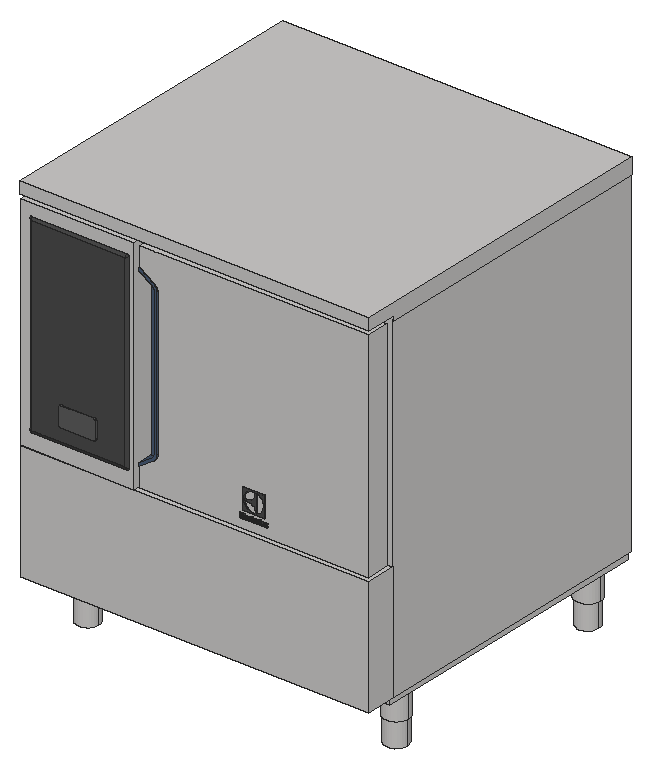
Revit family "QF_ELECTROLUXPROFESSIONAL_727728_EBFA61TA", category Specialty Equipment, Revit 2018 (continued)
Automatic sketch dimensions
  Split face 46 sketch curve to Split face 46 sketch curve = 5.027 mm
  Split face 47 sketch curve to Extrusion 9 = 81.175 mm
  Split face 47 sketch curve to Extrusion 9 = 377.596 mm
  Split face 47 sketch curve to Split face 47 sketch curve = 110.015 mm
  Split face 47 sketch curve to Split face 47 sketch curve = 5.027 mm
  Split face 48 sketch curve to Extrusion 9 = 71.703 mm
  Split face 48 sketch curve to Extrusion 9 = 377.596 mm
  Split face 48 sketch curve to Split face 48 sketch curve = 110.015 mm
  Split face 48 sketch curve to Split face 48 sketch curve = 5.027 mm
  Split face 49 sketch curve to Extrusion 9 = 62.231 mm
  Split face 49 sketch curve to Extrusion 9 = 377.596 mm
  Split face 49 sketch curve to Split face 49 sketch curve = 110.015 mm
  Split face 49 sketch curve to Split face 49 sketch curve = 5.027 mm
  Split face 50 sketch curve to Extrusion 9 = 52.758 mm
  Split face 50 sketch curve to Extrusion 9 = 377.596 mm
  Split face 50 sketch curve to Extrusion 9 = 47.731 mm
  Split face 50 sketch curve to Split face 50 sketch curve = 110.015 mm
  Split face 51 sketch curve to Extrusion 9 = 43.286 mm
  Split face 51 sketch curve to Extrusion 9 = 377.596 mm
  Split face 51 sketch curve to Extrusion 9 = 38.259 mm
  Split face 51 sketch curve to Split face 51 sketch curve = 110.015 mm
  Split face 52 sketch curve to Extrusion 9 = 33.814 mm
  Split face 52 sketch curve to Extrusion 9 = 377.596 mm
  Split face 52 sketch curve to Extrusion 9 = 28.787 mm
  Split face 52 sketch curve to Split face 52 sketch curve = 110.015 mm
  Split face 53 sketch curve to Extrusion 9 = 31.361 mm
  Split face 53 sketch curve to Extrusion 9 = 262.581 mm
  Split face 53 sketch curve to Extrusion 9 = 36.388 mm
  Split face 53 sketch curve to Split face 53 sketch curve = 110.015 mm
  Split face 54 sketch curve to Extrusion 9 = 40.833 mm
  Split face 54 sketch curve to Extrusion 9 = 262.581 mm
  Split face 54 sketch curve to Extrusion 9 = 45.86 mm
  Split face 54 sketch curve to Split face 54 sketch curve = 110.015 mm
  Split face 55 sketch curve to Extrusion 9 = 50.305 mm
  Split face 55 sketch curve to Extrusion 9 = 262.581 mm
  Split face 55 sketch curve to Split face 55 sketch curve = 110.015 mm
  Split face 55 sketch curve to Split face 55 sketch curve = 5.027 mm
  Split face 56 sketch curve to Extrusion 9 = 59.777 mm
  Split face 56 sketch curve to Extrusion 9 = 262.581 mm
  Split face 56 sketch curve to Split face 56 sketch curve = 110.015 mm
  Split face 56 sketch curve to Split face 56 sketch curve = 5.027 mm
  Split face 57 sketch curve to Extrusion 9 = 69.25 mm
  Split face 57 sketch curve to Extrusion 9 = 262.581 mm
  Split face 57 sketch curve to Split face 57 sketch curve = 110.015 mm
  Split face 57 sketch curve to Split face 57 sketch curve = 5.027 mm
  Split face 58 sketch curve to Extrusion 9 = 78.722 mm
  Split face 58 sketch curve to Extrusion 9 = 262.581 mm
  Split face 58 sketch curve to Split face 58 sketch curve = 110.015 mm
  Split face 58 sketch curve to Split face 58 sketch curve = 5.027 mm
  Split face 59 sketch curve to Extrusion 9 = 88.194 mm
  Split face 59 sketch curve to Extrusion 9 = 262.581 mm
  Split face 59 sketch curve to Split face 59 sketch curve = 110.015 mm
  Split face 59 sketch curve to Split face 59 sketch curve = 5.027 mm
  Split face 60 sketch curve to Extrusion 9 = 97.666 mm
  Split face 60 sketch curve to Extrusion 9 = 262.581 mm
  Split face 60 sketch curve to Split face 60 sketch curve = 110.015 mm
  Split face 60 sketch curve to Split face 60 sketch curve = 5.027 mm
  Split face 61 sketch curve to Extrusion 9 = 107.138 mm
  Split face 61 sketch curve to Extrusion 9 = 262.581 mm
  Split face 61 sketch curve to Split face 61 sketch curve = 110.015 mm
  Split face 61 sketch curve to Split face 61 sketch curve = 5.027 mm
  Split face 62 sketch curve to Extrusion 9 = 116.611 mm
  Split face 62 sketch curve to Extrusion 9 = 262.581 mm
  Split face 62 sketch curve to Split face 62 sketch curve = 110.015 mm
  Split face 62 sketch curve to Split face 62 sketch curve = 5.027 mm
  Split face 63 sketch curve to Extrusion 9 = 126.083 mm
  Split face 63 sketch curve to Extrusion 9 = 262.581 mm
  Split face 63 sketch curve to Split face 63 sketch curve = 110.015 mm
  Split face 63 sketch curve to Split face 63 sketch curve = 5.027 mm
  Split face 64 sketch curve to Extrusion 9 = 262.581 mm
  Split face 64 sketch curve to Split face 64 sketch curve = 110.015 mm
  Split face 64 sketch curve to Extrusion 9 = 135.555 mm
  Split face 64 sketch curve to Split face 64 sketch curve = 5.027 mm
  Split face 65 sketch curve to Extrusion 9 = 262.581 mm
  Split face 65 sketch curve to Split face 65 sketch curve = 110.015 mm
  Split face 65 sketch curve to Extrusion 9 = 145.027 mm
  Split face 65 sketch curve to Split face 65 sketch curve = 5.027 mm
  Split face 66 sketch curve to Extrusion 9 = 262.581 mm
  Split face 66 sketch curve to Split face 66 sketch curve = 110.015 mm
  Split face 66 sketch curve to Extrusion 9 = 147.48 mm
  Split face 66 sketch curve to Split face 66 sketch curve = 5.027 mm
  Split face 67 sketch curve to Extrusion 9 = 262.581 mm
  Split face 67 sketch curve to Split face 67 sketch curve = 110.015 mm
  Split face 67 sketch curve to Extrusion 9 = 138.008 mm
  Split face 67 sketch curve to Split face 67 sketch curve = 5.027 mm
  Split face 68 sketch curve to Extrusion 9 = 128.536 mm
  Split face 68 sketch curve to Extrusion 9 = 262.581 mm
  Split face 68 sketch curve to Split face 68 sketch curve = 110.015 mm
  Split face 68 sketch curve to Split face 68 sketch curve = 5.027 mm
  Split face 69 sketch curve to Extrusion 9 = 119.064 mm
  Split face 69 sketch curve to Extrusion 9 = 262.581 mm
  Split face 69 sketch curve to Split face 69 sketch curve = 110.015 mm
  Split face 69 sketch curve to Split face 69 sketch curve = 5.027 mm
  Split face 70 sketch curve to Extrusion 9 = 109.592 mm
  Split face 70 sketch curve to Extrusion 9 = 262.581 mm
  Split face 70 sketch curve to Split face 70 sketch curve = 110.015 mm
  Split face 70 sketch curve to Split face 70 sketch curve = 5.027 mm
  Split face 71 sketch curve to Extrusion 9 = 100.119 mm
  Split face 71 sketch curve to Extrusion 9 = 262.581 mm
  Split face 71 sketch curve to Split face 71 sketch curve = 110.015 mm
  Split face 71 sketch curve to Split face 71 sketch curve = 5.027 mm
  Split face 72 sketch curve to Extrusion 9 = 90.647 mm
  Split face 72 sketch curve to Extrusion 9 = 262.581 mm
  Split face 72 sketch curve to Split face 72 sketch curve = 110.015 mm
  Split face 72 sketch curve to Split face 72 sketch curve = 5.027 mm
  Split face 73 sketch curve to Extrusion 9 = 81.175 mm
  Split face 73 sketch curve to Extrusion 9 = 262.581 mm
  Split face 73 sketch curve to Split face 73 sketch curve = 110.015 mm
  Split face 73 sketch curve to Split face 73 sketch curve = 5.027 mm
  Split face 74 sketch curve to Extrusion 9 = 71.703 mm
  Split face 74 sketch curve to Extrusion 9 = 262.581 mm
  Split face 74 sketch curve to Split face 74 sketch curve = 110.015 mm
  Split face 74 sketch curve to Split face 74 sketch curve = 5.027 mm
  Split face 75 sketch curve to Extrusion 9 = 62.231 mm
  Split face 75 sketch curve to Extrusion 9 = 262.581 mm
  Split face 75 sketch curve to Split face 75 sketch curve = 110.015 mm
  Split face 75 sketch curve to Split face 75 sketch curve = 5.027 mm
  Split face 76 sketch curve to Extrusion 9 = 52.758 mm
  Split face 76 sketch curve to Extrusion 9 = 262.581 mm
  Split face 76 sketch curve to Extrusion 9 = 47.731 mm
  Split face 76 sketch curve to Split face 76 sketch curve = 110.015 mm
  Split face 77 sketch curve to Extrusion 9 = 43.286 mm
  Split face 77 sketch curve to Extrusion 9 = 262.581 mm
  Split face 77 sketch curve to Extrusion 9 = 38.259 mm
  Split face 77 sketch curve to Split face 77 sketch curve = 110.015 mm
  Split face 78 sketch curve to Extrusion 9 = 33.814 mm
  Split face 78 sketch curve to Extrusion 9 = 262.581 mm
  Split face 78 sketch curve to Extrusion 9 = 28.787 mm
  Split face 78 sketch curve to Split face 78 sketch curve = 110.015 mm
  Split face 79 sketch curve to Extrusion 9 = 31.361 mm
  Split face 79 sketch curve to Extrusion 9 = 147.565 mm
  Split face 79 sketch curve to Extrusion 9 = 36.388 mm
  Split face 79 sketch curve to Split face 79 sketch curve = 110.015 mm
  Split face 80 sketch curve to Extrusion 9 = 40.833 mm
  Split face 80 sketch curve to Extrusion 9 = 147.565 mm
  Split face 80 sketch curve to Extrusion 9 = 45.86 mm
  Split face 80 sketch curve to Split face 80 sketch curve = 110.015 mm
  Split face 81 sketch curve to Extrusion 9 = 50.305 mm
  Split face 81 sketch curve to Extrusion 9 = 147.565 mm
  Split face 81 sketch curve to Split face 81 sketch curve = 110.015 mm
  Split face 81 sketch curve to Split face 81 sketch curve = 5.027 mm
  Split face 82 sketch curve to Extrusion 9 = 59.777 mm
  Split face 82 sketch curve to Extrusion 9 = 147.565 mm
  Split face 82 sketch curve to Split face 82 sketch curve = 110.015 mm
  Split face 82 sketch curve to Split face 82 sketch curve = 5.027 mm
  Split face 83 sketch curve to Extrusion 9 = 69.25 mm
  Split face 83 sketch curve to Extrusion 9 = 147.565 mm
  Split face 83 sketch curve to Split face 83 sketch curve = 110.015 mm
  Split face 83 sketch curve to Split face 83 sketch curve = 5.027 mm
  Split face 84 sketch curve to Extrusion 9 = 147.565 mm
  Split face 84 sketch curve to Split face 84 sketch curve = 110.015 mm
  Split face 84 sketch curve to Extrusion 9 = 78.722 mm
  Split face 84 sketch curve to Split face 84 sketch curve = 5.027 mm
  Split face 85 sketch curve to Extrusion 9 = 147.565 mm
  Split face 85 sketch curve to Split face 85 sketch curve = 110.015 mm
  Split face 85 sketch curve to Extrusion 9 = 88.194 mm
  Split face 85 sketch curve to Split face 85 sketch curve = 5.027 mm
  Split face 86 sketch curve to Extrusion 9 = 147.565 mm
  Split face 86 sketch curve to Split face 86 sketch curve = 110.015 mm
  Split face 86 sketch curve to Extrusion 9 = 97.666 mm
  Split face 86 sketch curve to Split face 86 sketch curve = 5.027 mm
  Split face 87 sketch curve to Extrusion 9 = 147.565 mm
  Split face 87 sketch curve to Split face 87 sketch curve = 110.015 mm
  Split face 87 sketch curve to Extrusion 9 = 107.138 mm
  Split face 87 sketch curve to Split face 87 sketch curve = 5.027 mm
  Split face 88 sketch curve to Extrusion 9 = 147.565 mm
  Split face 88 sketch curve to Split face 88 sketch curve = 110.015 mm
  Split face 88 sketch curve to Extrusion 9 = 116.611 mm
  Split face 88 sketch curve to Split face 88 sketch curve = 5.027 mm
  Split face 89 sketch curve to Extrusion 9 = 147.565 mm
  Split face 89 sketch curve to Split face 89 sketch curve = 110.015 mm
  Split face 89 sketch curve to Extrusion 9 = 126.083 mm
  Split face 89 sketch curve to Split face 89 sketch curve = 5.027 mm
  Split face 90 sketch curve to Extrusion 9 = 147.565 mm
  Split face 90 sketch curve to Split face 90 sketch curve = 110.015 mm
  Split face 90 sketch curve to Extrusion 9 = 135.555 mm
  Split face 90 sketch curve to Split face 90 sketch curve = 5.027 mm
  Split face 91 sketch curve to Extrusion 9 = 147.565 mm
  Split face 91 sketch curve to Split face 91 sketch curve = 110.015 mm
  Split face 91 sketch curve to Extrusion 9 = 145.027 mm
  Split face 91 sketch curve to Split face 91 sketch curve = 5.027 mm
  Split face 92 sketch curve to Extrusion 9 = 147.565 mm
  Split face 92 sketch curve to Split face 92 sketch curve = 110.015 mm
  Split face 92 sketch curve to Extrusion 9 = 147.48 mm
  Split face 92 sketch curve to Split face 92 sketch curve = 5.027 mm
  Split face 93 sketch curve to Extrusion 9 = 147.565 mm
  Split face 93 sketch curve to Split face 93 sketch curve = 110.015 mm
  Split face 93 sketch curve to Extrusion 9 = 138.008 mm
  Split face 93 sketch curve to Split face 93 sketch curve = 5.027 mm
  Split face 94 sketch curve to Extrusion 9 = 147.565 mm
  Split face 94 sketch curve to Split face 94 sketch curve = 110.015 mm
  Split face 94 sketch curve to Extrusion 9 = 128.536 mm
  Split face 94 sketch curve to Split face 94 sketch curve = 5.027 mm
  Split face 95 sketch curve to Extrusion 9 = 147.565 mm
  Split face 95 sketch curve to Split face 95 sketch curve = 110.015 mm
  Split face 95 sketch curve to Extrusion 9 = 119.064 mm
  Split face 95 sketch curve to Split face 95 sketch curve = 5.027 mm
  Split face 96 sketch curve to Extrusion 9 = 147.565 mm
  Split face 96 sketch curve to Split face 96 sketch curve = 110.015 mm
  Split face 96 sketch curve to Extrusion 9 = 109.592 mm
  Split face 96 sketch curve to Split face 96 sketch curve = 5.027 mm
  Split face 97 sketch curve to Extrusion 9 = 147.565 mm
  Split face 97 sketch curve to Split face 97 sketch curve = 110.015 mm
  Split face 97 sketch curve to Extrusion 9 = 100.119 mm
  Split face 97 sketch curve to Split face 97 sketch curve = 5.027 mm
  Split face 98 sketch curve to Extrusion 9 = 147.565 mm
  Split face 98 sketch curve to Split face 98 sketch curve = 110.015 mm
  Split face 98 sketch curve to Extrusion 9 = 90.647 mm
  Split face 98 sketch curve to Split face 98 sketch curve = 5.027 mm
  Split face 99 sketch curve to Extrusion 9 = 147.565 mm
  Split face 99 sketch curve to Split face 99 sketch curve = 110.015 mm
  Split face 99 sketch curve to Extrusion 9 = 81.175 mm
  Split face 99 sketch curve to Split face 99 sketch curve = 5.027 mm
  Split face 100 sketch curve to Extrusion 9 = 71.703 mm
  Split face 100 sketch curve to Extrusion 9 = 147.565 mm
  Split face 100 sketch curve to Split face 100 sketch curve = 110.015 mm
  Split face 100 sketch curve to Split face 100 sketch curve = 5.027 mm
  Split face 101 sketch curve to Extrusion 9 = 62.231 mm
  Split face 101 sketch curve to Extrusion 9 = 147.565 mm
  Split face 101 sketch curve to Split face 101 sketch curve = 110.015 mm
  Split face 101 sketch curve to Split face 101 sketch curve = 5.027 mm
  Split face 102 sketch curve to Extrusion 9 = 52.758 mm
  Split face 102 sketch curve to Extrusion 9 = 147.565 mm
  Split face 102 sketch curve to Extrusion 9 = 47.731 mm
  Split face 102 sketch curve to Split face 102 sketch curve = 110.015 mm
  Split face 103 sketch curve to Extrusion 9 = 43.286 mm
  Split face 103 sketch curve to Extrusion 9 = 147.565 mm
  Split face 103 sketch curve to Extrusion 9 = 38.259 mm
  Split face 103 sketch curve to Split face 103 sketch curve = 110.015 mm
  Split face 104 sketch curve to Extrusion 9 = 33.814 mm
  Split face 104 sketch curve to Extrusion 9 = 147.565 mm
  Split face 104 sketch curve to Extrusion 9 = 28.787 mm
  Split face 104 sketch curve to Split face 104 sketch curve = 110.015 mm
  Split face 105 sketch curve to Extrusion 9 = 32.55 mm
  Split face 105 sketch curve to Extrusion 9 = 36.388 mm
  Split face 105 sketch curve to Split face 105 sketch curve = 110.015 mm
  Split face 105 sketch curve to Split face 105 sketch curve = 5.027 mm
  Split face 106 sketch curve to Extrusion 9 = 32.55 mm
  Split face 106 sketch curve to Extrusion 9 = 45.86 mm
  Split face 106 sketch curve to Split face 106 sketch curve = 110.015 mm
  Split face 106 sketch curve to Split face 106 sketch curve = 5.027 mm
  Split face 107 sketch curve to Extrusion 9 = 32.55 mm
  Split face 107 sketch curve to Split face 107 sketch curve = 110.015 mm
  Split face 107 sketch curve to Extrusion 9 = 50.305 mm
  Split face 107 sketch curve to Split face 107 sketch curve = 5.027 mm
  Split face 108 sketch curve to Extrusion 9 = 32.55 mm
  Split face 108 sketch curve to Split face 108 sketch curve = 110.015 mm
  Split face 108 sketch curve to Extrusion 9 = 59.777 mm
  Split face 108 sketch curve to Split face 108 sketch curve = 5.027 mm
  Split face 109 sketch curve to Extrusion 9 = 32.55 mm
  Split face 109 sketch curve to Split face 109 sketch curve = 110.015 mm
  Split face 109 sketch curve to Extrusion 9 = 69.25 mm
  Split face 109 sketch curve to Split face 109 sketch curve = 5.027 mm
  Split face 110 sketch curve to Extrusion 9 = 32.55 mm
  Split face 110 sketch curve to Split face 110 sketch curve = 110.015 mm
  Split face 110 sketch curve to Extrusion 9 = 78.722 mm
  Split face 110 sketch curve to Split face 110 sketch curve = 5.027 mm
  Split face 111 sketch curve to Extrusion 9 = 32.55 mm
  Split face 111 sketch curve to Split face 111 sketch curve = 110.015 mm
  Split face 111 sketch curve to Extrusion 9 = 88.194 mm
  Split face 111 sketch curve to Split face 111 sketch curve = 5.027 mm
  Split face 112 sketch curve to Extrusion 9 = 32.55 mm
  Split face 112 sketch curve to Split face 112 sketch curve = 110.015 mm
  Split face 112 sketch curve to Extrusion 9 = 97.666 mm
  Split face 112 sketch curve to Split face 112 sketch curve = 5.027 mm
  Split face 113 sketch curve to Extrusion 9 = 32.55 mm
  Split face 113 sketch curve to Split face 113 sketch curve = 110.015 mm
  Split face 113 sketch curve to Extrusion 9 = 107.138 mm
  Split face 113 sketch curve to Split face 113 sketch curve = 5.027 mm
  Split face 114 sketch curve to Extrusion 9 = 32.55 mm
  Split face 114 sketch curve to Split face 114 sketch curve = 110.015 mm
  Split face 114 sketch curve to Extrusion 9 = 116.611 mm
  Split face 114 sketch curve to Split face 114 sketch curve = 5.027 mm
  Split face 115 sketch curve to Extrusion 9 = 32.55 mm
  Split face 115 sketch curve to Split face 115 sketch curve = 110.015 mm
  Split face 115 sketch curve to Extrusion 9 = 126.083 mm
  Split face 115 sketch curve to Split face 115 sketch curve = 5.027 mm
  Split face 116 sketch curve to Extrusion 9 = 32.55 mm
  Split face 116 sketch curve to Split face 116 sketch curve = 110.015 mm
  Split face 116 sketch curve to Extrusion 9 = 135.555 mm
  Split face 116 sketch curve to Split face 116 sketch curve = 5.027 mm
  Split face 117 sketch curve to Extrusion 9 = 32.55 mm
  Split face 117 sketch curve to Split face 117 sketch curve = 110.015 mm
  Split face 117 sketch curve to Extrusion 9 = 145.027 mm
  Split face 117 sketch curve to Split face 117 sketch curve = 5.027 mm
  Split face 118 sketch curve to Extrusion 9 = 32.55 mm
  Split face 118 sketch curve to Split face 118 sketch curve = 110.015 mm
  Split face 118 sketch curve to Extrusion 9 = 147.48 mm
  Split face 118 sketch curve to Split face 118 sketch curve = 5.027 mm
  Split face 119 sketch curve to Extrusion 9 = 32.55 mm
  Split face 119 sketch curve to Split face 119 sketch curve = 110.015 mm
  Split face 119 sketch curve to Extrusion 9 = 138.008 mm
  Split face 119 sketch curve to Split face 119 sketch curve = 5.027 mm
  Split face 120 sketch curve to Extrusion 9 = 32.55 mm
  Split face 120 sketch curve to Split face 120 sketch curve = 110.015 mm
  Split face 120 sketch curve to Extrusion 9 = 128.536 mm
  Split face 120 sketch curve to Split face 120 sketch curve = 5.027 mm
  Split face 121 sketch curve to Extrusion 9 = 32.55 mm
  Split face 121 sketch curve to Split face 121 sketch curve = 110.015 mm
  Split face 121 sketch curve to Extrusion 9 = 119.064 mm
  Split face 121 sketch curve to Split face 121 sketch curve = 5.027 mm
  Split face 122 sketch curve to Extrusion 9 = 32.55 mm
  Split face 122 sketch curve to Split face 122 sketch curve = 110.015 mm
  Split face 122 sketch curve to Extrusion 9 = 109.592 mm
  Split face 122 sketch curve to Split face 122 sketch curve = 5.027 mm
  Split face 123 sketch curve to Extrusion 9 = 32.55 mm
  Split face 123 sketch curve to Split face 123 sketch curve = 110.015 mm
  Split face 123 sketch curve to Extrusion 9 = 100.119 mm
  Split face 123 sketch curve to Split face 123 sketch curve = 5.027 mm
  Split face 124 sketch curve to Extrusion 9 = 32.55 mm
  Split face 124 sketch curve to Split face 124 sketch curve = 110.015 mm
  Split face 124 sketch curve to Extrusion 9 = 90.647 mm
  Split face 124 sketch curve to Split face 124 sketch curve = 5.027 mm
  Split face 125 sketch curve to Extrusion 9 = 32.55 mm
  Split face 125 sketch curve to Split face 125 sketch curve = 110.015 mm
  Split face 125 sketch curve to Extrusion 9 = 81.175 mm
  Split face 125 sketch curve to Split face 125 sketch curve = 5.027 mm
  Split face 126 sketch curve to Extrusion 9 = 32.55 mm
  Split face 126 sketch curve to Split face 126 sketch curve = 110.015 mm
  Split face 126 sketch curve to Extrusion 9 = 71.703 mm
  Split face 126 sketch curve to Split face 126 sketch curve = 5.027 mm
  Split face 127 sketch curve to Extrusion 9 = 32.55 mm
  Split face 127 sketch curve to Split face 127 sketch curve = 110.015 mm
  Split face 127 sketch curve to Extrusion 9 = 62.231 mm
  Split face 127 sketch curve to Split face 127 sketch curve = 5.027 mm
  Split face 128 sketch curve to Extrusion 9 = 32.55 mm
  Split face 128 sketch curve to Extrusion 9 = 47.731 mm
  Split face 128 sketch curve to Split face 128 sketch curve = 110.015 mm
  Split face 128 sketch curve to Split face 128 sketch curve = 5.027 mm
  Split face 129 sketch curve to Extrusion 9 = 32.55 mm
  Split face 129 sketch curve to Extrusion 9 = 38.259 mm
  Split face 129 sketch curve to Split face 129 sketch curve = 110.015 mm
  Split face 129 sketch curve to Split face 129 sketch curve = 5.027 mm
  Split face 130 sketch curve to Extrusion 9 = 32.55 mm
  Split face 130 sketch curve to Extrusion 9 = 28.787 mm
  Split face 130 sketch curve to Split face 130 sketch curve = 110.015 mm
  Split face 130 sketch curve to Split face 130 sketch curve = 5.027 mm
  Extrusion 13 sketch curve to plane 5 "BACK" = 0 mm  (x2)
  Extrusion 13 sketch curve to plane 15 = 0 mm  (x2)
  Extrusion 13 sketch curve to plane 3 "Center Y" = 141.58 mm
  Extrusion 13 sketch curve to Extrusion 13 sketch curve = 1.631 mm  (x2)
  Extrusion 13 sketch curve to Extrusion 13 sketch curve = 9.723 mm
  plane 10 to Extrusion 13 sketch curve = 80.967 mm
  plane 10 to Extrusion 13 sketch curve = 72.875 mm
  Extrusion 14 sketch curve to plane 14 = 0.005 mm
  plane 7 "FRONT" to Extrusion 14 sketch curve = 0 mm
  plane 16 to Extrusion 14 sketch curve = 47.24 mm
  Extrusion 14 sketch curve to Extrusion 14 sketch curve = 8.487 mm
  Extrusion 14 sketch curve to Extrusion 14 sketch curve = 8.95 mm
  Extrusion 14 sketch curve to Extrusion 14 sketch curve = 10.513 mm
  Extrusion 14 sketch curve to Extrusion 14 sketch curve = 20 mm
  Extrusion 14 sketch curve to Extrusion 14 sketch curve = 35.79 mm
  Extrusion 14 sketch curve to Extrusion 14 sketch curve = 36.253 mm
  Extrusion 14 sketch curve to Extrusion 14 sketch curve = 51.135 mm
  Extrusion 14 sketch curve to Extrusion 14 sketch curve = 24.082 mm
  Extrusion 14 sketch curve to Extrusion 14 sketch curve = 374.913 mm
  Extrusion 14 sketch curve to Extrusion 14 sketch curve = 23.723 mm
  plane 8 to Extrusion 14 sketch curve = 332.497 mm
  Extrusion 15 sketch curve to Extrusion 14 = 0 mm  (x6)
  Extrusion 14 to Extrusion 15 sketch curve = 0 mm  (x2)
  Extrusion 14 to Extrusion 15 sketch curve = 8.487 mm
  Extrusion 14 to Extrusion 15 sketch curve = 8.95 mm
  Extrusion 15 sketch curve to Extrusion 15 sketch curve = 11.05 mm
  Extrusion 16 sketch curve to Extrusion 16 sketch curve = 0 mm  (x2)
  Extrusion 16 sketch curve to Extrusion 14 = 0 mm  (x5)
  Extrusion 14 to Extrusion 16 sketch curve = 2.5 mm  (x2)
  Extrusion 16 sketch curve to Extrusion 16 sketch curve = 13.5 mm
  Extrusion 14 to Extrusion 16 sketch curve = 12.541 mm
  Extrusion 16 sketch curve to Extrusion 16 sketch curve = 5.583 mm
  Extrusion 16 sketch curve to Extrusion 16 sketch curve = 3.591 mm
  Extrusion 16 sketch curve to Extrusion 16 sketch curve = 3.597 mm
  Extrusion 16 sketch curve to Extrusion 16 sketch curve = 6.141 mm
  Extrusion 16 sketch curve to Extrusion 16 sketch curve = 6.143 mm
  Extrusion 17 sketch curve to plane 7 "FRONT" = 0 mm
  plane 16 to Extrusion 17 sketch curve = 2.5 mm
  Extrusion 17 sketch curve to plane 12 = 2 mm
  Extrusion 17 sketch curve to plane 6 "RIGHT" = 21.029 mm
  plane 7 "FRONT" to Extrusion 17 sketch curve = 16.966 mm
  curve 15 to plane 7 "FRONT" = 0 mm
  curve 3 to plane 6 "RIGHT" = 0 mm
  curve 17 to plane 7 "FRONT" = 0 mm
  curve 10 to plane 5 "BACK" = 0 mm
  curve 10 to plane 15 = 0 mm
  curve 2 to plane 4 "LEFT" = 0 mm
  plane 16 to curve 15 = 2.5 mm
  plane 6 "RIGHT" to curve 15 = 6 mm
  curve 14 to plane 6 "RIGHT" = 21.029 mm
  curve 16 to plane 12 = 2 mm
  curve 10 to plane 3 "Center Y" = 151.303 mm
  curve 6 to plane 7 "FRONT" = 5 mm
  curve 6 to plane 3 "Center Y" = 176 mm
  plane 10 to curve 8 = 80.967 mm
  plane 10 to curve 12 = 22.5 mm
  plane 10 to curve 13 = 1.5 mm
  curve 5 to plane 10 = 17.5 mm
  curve 13 to curve 13 = 29 mm
  plane 7 "FRONT" to curve 14 = 16.966 mm
  curve 10 to curve 9 = 8.092 mm
  curve 6 to curve 5 = 8 mm
  curve 8 to curve 12 = 50.375 mm
  curve 5 to curve 7 = 8 mm
  radius of Extrusion 5 sketch curve = 10.5 mm
  radius of Extrusion 6 sketch curve to Extrusion 2 = 0 mm
  radius of Extrusion 7 sketch curve to Extrusion 2 = 0 mm
  radius of Extrusion 7 sketch curve to Extrusion 2 = 6.5 mm
  radius of Extrusion 12 sketch curve = 9.5 mm
  radius of Extrusion 15 sketch curve to Extrusion 14 = 0 mm
  radius of Extrusion 16 sketch curve to Extrusion 14 = 0 mm
  radius of Extrusion 16 sketch curve to Extrusion 14 = 6.5 mm
Nested families
  nested 1: "Foot_Complete" at (-708, -142.149, 0), type "Foot_Complete"
    with H 130 mm
  nested 2: "Foot_Complete" at (85, -142.149, 0), type "Foot_Complete"
    with H 130 mm
  nested 3: "Foot_Complete" at (85, 473.851, 0), type "Foot_Complete"
    with H 130 mm
  nested 4: "Foot_Complete" at (-708, 473.851, 0), type "Foot_Complete"
    with H 130 mm
  nested 5: "ELX_Logo_S_New" at (-157.603, -295.149, 492.497) x (1, 0, 0) z (0, -1, 0), visible <- "Show Logo", type "ELX_Logo_S_New"
    with M QF_Finishes_Black
  nested 6: "ELX_Logo_Symbol" at (-157.603, -295.149, 532.497) x (-1, 0, 0) z (0, -1, 0), visible <- "Show Logo", type "ELX_Logo_Symbol"
    with M QF_Finishes_Black
  nested 7: "ELX_Touch" at (-606.5, -295.149, 741.265) x (1, 0, 0) z (0, -1, 0), type "ELX_Touch"
Connectors
  electrical at (-696, 577.851, 258), driven by "Volts"
    settings: on Extrusion 5, index 5, voltage 380 V, apparent load 0 VA, apparent load phase1 0 VA, apparent load phase2 0 VA, apparent load phase3 0 VA, power factor 1, load classification "Altro", number of poles 1, system type 30, power factor state 1, is connector primary yes, connector utility no, sub classification motor no, connector description "Electrical Connection"
  piping at (-360, 215.851, 98.32), diameter 19
    settings: on cut or joined group of Extrusion 1, Extrusion 3, Extrusion 4, Extrusion 5, Extrusion 10, Extrusion 11, Extrusion 12, Extrusion 13, index 6, connector inside diameter 609.6 mm, connector length 0 mm, flow factor 0, pipe flow 0.0 L/s, pressure drop 0.0 Pa, fitting loss kfactor 0, connector angle 0.00°, fixture units 0, engagement length 0 mm, angle of deflection 0.00°, flow configuration 1, flow direction 2, fitting loss method 0, system type 16, joint type 0, gender type 0, connector reference index -1, connector utility 0, adjustable connector no, is connector primary yes, connector description "Drain"
Definition of nested family "Foot_Complete"
  Parameters
    R = 32 mm
    H = 150 mm
  Reference planes
    plane 1 "Centro (Fronte/Retro)": y = 0
    plane 2: z = 0
    plane 3 "Centro (Sinistra/Destra)": x = 0
    plane 4: z = 150
  Forms (mm)
    Revolve 1, solid
      sketch origin (255.05, 0, 608.09) x (0, 0, 1) y (-1, 0, 0)
        loop
          line (-608.09, 255.05) -> (-608.09, 226.55) -> (-544.09, 226.55) -> (-544.09, 223.05) -> (-458.09, 223.05) -> (-458.09, 255.05) -> (-608.09, 255.05)
        axis (-608.09, 255.05) -> (-458.09, 255.05)
      angle from 0 to 360
  Dimensions and locks
    locked: level to Revolve 1 sketch curve at 64
    "R": Revolve 1 sketch curve to plane 3 "Centro (Sinistra/Destra)"
    "H": plane 4 to level
    aligned and locked: level to plane 2
    aligned and locked: plane 4 to Revolve 1 sketch curve
    aligned and locked: Revolve 1 sketch curve to level
    aligned and locked: plane 3 "Centro (Sinistra/Destra)" to Revolve 1 sketch curve
  Automatic sketch dimensions
    Revolve 1 sketch curve to plane 3 "Centro (Sinistra/Destra)" = 0 mm
    plane 3 "Centro (Sinistra/Destra)" to Revolve 1 sketch curve = 28.5 mm
    Revolve 1 sketch curve to Revolve 1 sketch curve = 50 mm
    Revolve 1 sketch curve to Revolve 1 sketch curve = 20 mm
Definition of nested family "ELX_Logo_S_New"
  Parameters
    Default Elevation = 0 mm
    M [instance] = none
  Reference planes
    plane 1 "Centro (Fronte/Retro)": y = 0
    plane 2: z = 0
    plane 3 "Centro (Sinistra/Destra)": x = 0
  Forms (mm)
    Extrusion 1, solid
      sketch origin (0, 0, 0) x (1, 0, 0) y (0, 1, 0)
        loop
          line (-1219.2, 1219.2) -> (-1219.2, -1219.2) -> (1219.2, -1219.2) -> (1219.2, 1219.2) -> (-1219.2, 1219.2)
      from 0 to -304.8
    Extrusion 2, solid, material <- "M"
      sketch origin (0, 0, 0) x (1, 0, 0) y (0, 1, 0)
        loop
          spline (-32.537, -4.135) -> (-32.702, -4.128) -> (-32.877, -4.105) -> (-33.059, -4.064) -> (-33.242, -4.002) -> (-33.422, -3.916) -> (-33.593, -3.803) -> (-33.751, -3.66) -> (-33.891, -3.486) -> (-34.008, -3.276) -> (-34.098, -3.029) -> (-34.155, -2.741) -> (-34.176, -2.41)
          line (-34.176, -2.41) -> (-34.176, -0.943) -> (-29.331, -0.943) -> (-29.331, 0.928) -> (-34.176, 0.928) -> (-34.176, 3.652) -> (-29.023, 3.652) -> (-29.023, 5.518) -> (-36.159, 5.518) -> (-36.159, -2.326)
          spline (-36.159, -2.326) -> (-36.142, -2.808) -> (-36.088, -3.263) -> (-35.996, -3.688) -> (-35.867, -4.083) -> (-35.698, -4.445) -> (-35.489, -4.773) -> (-35.239, -5.066) -> (-34.946, -5.322) -> (-34.61, -5.539) -> (-34.23, -5.716) -> (-33.804, -5.851) -> (-33.332, -5.943)
          line (-33.332, -5.943) -> (-32.554, -5.999) -> (-28.885, -5.999) -> (-28.885, -4.135) -> (-32.537, -4.135)
        loop
          line (-27.476, 0.076) -> (-27.476, -6.002) -> (-25.492, -6.002) -> (-25.492, 5.521) -> (-27.476, 5.521) -> (-27.476, 0.076)
        loop
          spline (-15.702, -2.321) -> (-15.689, -1.697) -> (-15.749, -1.094) -> (-15.879, -0.516) -> (-16.078, 0.029) -> (-16.341, 0.538) -> (-16.668, 1.004) -> (-17.055, 1.422) -> (-17.5, 1.786) -> (-17.999, 2.091) -> (-18.552, 2.331) -> (-19.154, 2.5) -> (-19.804, 2.594)
          spline (-19.804, 2.594) -> (-20.422, 2.558) -> (-21.009, 2.453) -> (-21.56, 2.28) -> (-22.072, 2.042) -> (-22.54, 1.743) -> (-22.96, 1.385) -> (-23.327, 0.97) -> (-23.638, 0.502) -> (-23.887, -0.018) -> (-24.07, -0.586) -> (-24.183, -1.2) -> (-24.222, -1.857)
          spline (-24.222, -1.857) -> (-24.184, -2.498) -> (-24.074, -3.097) -> (-23.895, -3.652) -> (-23.651, -4.16) -> (-23.344, -4.618) -> (-22.979, -5.023) -> (-22.559, -5.374) -> (-22.087, -5.667) -> (-21.567, -5.899) -> (-21.003, -6.068) -> (-20.397, -6.172) -> (-19.754, -6.207)
          spline (-19.754, -6.207) -> (-19.44, -6.2) -> (-19.13, -6.176) -> (-18.823, -6.135) -> (-18.52, -6.074) -> (-18.221, -5.993) -> (-17.925, -5.89) -> (-17.634, -5.762) -> (-17.346, -5.609) -> (-17.062, -5.43) -> (-16.782, -5.221) -> (-16.506, -4.983) -> (-16.234, -4.713)
          line (-16.234, -4.713) -> (-17.429, -3.55)
          spline (-17.429, -3.55) -> (-17.587, -3.702) -> (-17.745, -3.841) -> (-17.906, -3.967) -> (-18.07, -4.08) -> (-18.239, -4.181) -> (-18.415, -4.268) -> (-18.599, -4.343) -> (-18.792, -4.404) -> (-18.996, -4.452) -> (-19.213, -4.486) -> (-19.443, -4.506) -> (-19.688, -4.513)
          spline (-19.688, -4.513) -> (-20.047, -4.496) -> (-20.383, -4.443) -> (-20.696, -4.358) -> (-20.984, -4.24) -> (-21.246, -4.092) -> (-21.479, -3.915) -> (-21.683, -3.711) -> (-21.856, -3.48) -> (-21.997, -3.224) -> (-22.104, -2.945) -> (-22.176, -2.643) -> (-22.212, -2.321)
          line (-22.212, -2.321) -> (-15.702, -2.321)
        loop
          spline (-17.695, -0.926) -> (-17.714, -0.681) -> (-17.771, -0.445) -> (-17.861, -0.221) -> (-17.984, -0.01) -> (-18.135, 0.184) -> (-18.314, 0.36) -> (-18.516, 0.516) -> (-18.741, 0.648) -> (-18.984, 0.755) -> (-19.244, 0.834) -> (-19.518, 0.883) -> (-19.804, 0.9)
          spline (-19.804, 0.9) -> (-20.11, 0.884) -> (-20.405, 0.835) -> (-20.686, 0.757) -> (-20.95, 0.652) -> (-21.195, 0.521) -> (-21.419, 0.367) -> (-21.618, 0.192) -> (-21.79, -0.003) -> (-21.934, -0.214) -> (-22.045, -0.439) -> (-22.122, -0.678) -> (-22.162, -0.926)
          line (-22.162, -0.926) -> (-17.695, -0.926)
        loop
          spline (-12.669, -1.807) -> (-12.646, -1.438) -> (-12.58, -1.088) -> (-12.472, -0.759) -> (-12.326, -0.455) -> (-12.145, -0.177) -> (-11.93, 0.072) -> (-11.685, 0.289) -> (-11.412, 0.473) -> (-11.114, 0.62) -> (-10.793, 0.728) -> (-10.453, 0.794) -> (-10.095, 0.817)
          spline (-10.095, 0.817) -> (-9.876, 0.81) -> (-9.665, 0.79) -> (-9.464, 0.756) -> (-9.271, 0.709) -> (-9.086, 0.65) -> (-8.908, 0.578) -> (-8.737, 0.495) -> (-8.572, 0.399) -> (-8.414, 0.292) -> (-8.261, 0.173) -> (-8.113, 0.044) -> (-7.969, -0.096)
          line (-7.969, -0.096) -> (-6.741, 1.183)
          spline (-6.741, 1.183) -> (-6.985, 1.427) -> (-7.237, 1.647) -> (-7.496, 1.843) -> (-7.762, 2.015) -> (-8.034, 2.164) -> (-8.312, 2.291) -> (-8.596, 2.397) -> (-8.886, 2.482) -> (-9.181, 2.546) -> (-9.481, 2.592) -> (-9.786, 2.619) -> (-10.095, 2.627)
          spline (-10.095, 2.627) -> (-10.715, 2.589) -> (-11.308, 2.476) -> (-11.871, 2.294) -> (-12.396, 2.046) -> (-12.88, 1.736) -> (-13.316, 1.369) -> (-13.7, 0.949) -> (-14.026, 0.48) -> (-14.289, -0.035) -> (-14.483, -0.59) -> (-14.604, -1.182) -> (-14.645, -1.807)
          spline (-14.645, -1.807) -> (-14.604, -2.431) -> (-14.483, -3.023) -> (-14.289, -3.578) -> (-14.026, -4.093) -> (-13.7, -4.562) -> (-13.316, -4.983) -> (-12.88, -5.35) -> (-12.396, -5.659) -> (-11.871, -5.907) -> (-11.308, -6.09) -> (-10.715, -6.202) -> (-10.095, -6.24)
          spline (-10.095, -6.24) -> (-9.786, -6.232) -> (-9.481, -6.205) -> (-9.181, -6.16) -> (-8.886, -6.095) -> (-8.596, -6.01) -> (-8.312, -5.904) -> (-8.034, -5.777) -> (-7.762, -5.628) -> (-7.496, -5.456) -> (-7.237, -5.26) -> (-6.985, -5.04) -> (-6.741, -4.796)
          line (-6.741, -4.796) -> (-7.969, -3.517)
          spline (-7.969, -3.517) -> (-8.113, -3.657) -> (-8.261, -3.786) -> (-8.414, -3.905) -> (-8.572, -4.012) -> (-8.737, -4.108) -> (-8.908, -4.192) -> (-9.086, -4.263) -> (-9.271, -4.323) -> (-9.464, -4.369) -> (-9.665, -4.403) -> (-9.876, -4.423) -> (-10.095, -4.43)
          spline (-10.095, -4.43) -> (-10.453, -4.408) -> (-10.793, -4.341) -> (-11.114, -4.233) -> (-11.412, -4.086) -> (-11.685, -3.902) -> (-11.93, -3.685) -> (-12.145, -3.436) -> (-12.326, -3.158) -> (-12.472, -2.854) -> (-12.58, -2.526) -> (-12.646, -2.176) -> (-12.669, -1.807)
        loop
          spline (-1.683, -4.138) -> (-1.858, -4.14) -> (-2.045, -4.127) -> (-2.24, -4.095) -> (-2.438, -4.04) -> (-2.633, -3.959) -> (-2.822, -3.85) -> (-2.998, -3.709) -> (-3.157, -3.533) -> (-3.294, -3.318) -> (-3.404, -3.061) -> (-3.483, -2.76) -> (-3.524, -2.411)
          line (-3.524, -2.411) -> (-3.524, 0.529) -> (-1.72, 0.529) -> (-1.72, 2.331) -> (-3.522, 2.331) -> (-3.522, 5.521) -> (-5.506, 5.521) -> (-5.506, -2.523)
          spline (-5.506, -2.523) -> (-5.463, -2.99) -> (-5.386, -3.429) -> (-5.274, -3.839) -> (-5.126, -4.218) -> (-4.941, -4.564) -> (-4.717, -4.877) -> (-4.455, -5.155) -> (-4.153, -5.396) -> (-3.81, -5.599) -> (-3.425, -5.762) -> (-2.998, -5.884) -> (-2.528, -5.964)
          line (-2.528, -5.964) -> (-1.69, -6.002) -> (-1.683, -4.138)
        loop
          spline (4.991, 2.446) -> (4.648, 2.468) -> (4.318, 2.461) -> (4.001, 2.429) -> (3.699, 2.371) -> (3.413, 2.288) -> (3.142, 2.182) -> (2.89, 2.052) -> (2.655, 1.901) -> (2.439, 1.728) -> (2.244, 1.535) -> (2.069, 1.322) -> (1.917, 1.091)
          line (1.917, 1.091) -> (1.917, 2.33) -> (-0.051, 2.33) -> (-0.051, -6.002) -> (1.917, -6.002) -> (1.917, -1.621)
          spline (1.917, -1.621) -> (1.935, -1.288) -> (1.988, -0.979) -> (2.075, -0.693) -> (2.195, -0.432) -> (2.345, -0.197) -> (2.526, 0.01) -> (2.736, 0.189) -> (2.972, 0.338) -> (3.235, 0.456) -> (3.522, 0.541) -> (3.832, 0.594) -> (4.165, 0.611)
          line (4.165, 0.611) -> (4.991, 0.529) -> (4.991, 2.446)
        loop
          spline (14.388, -1.836) -> (14.347, -1.224) -> (14.226, -0.642) -> (14.031, -0.093) -> (13.768, 0.418) -> (13.441, 0.887) -> (13.057, 1.308) -> (12.621, 1.677) -> (12.137, 1.989) -> (11.612, 2.24) -> (11.051, 2.425) -> (10.459, 2.539) -> (9.842, 2.578)
          spline (9.842, 2.578) -> (9.221, 2.539) -> (8.627, 2.425) -> (8.064, 2.24) -> (7.539, 1.989) -> (7.056, 1.677) -> (6.62, 1.308) -> (6.237, 0.887) -> (5.912, 0.418) -> (5.65, -0.093) -> (5.456, -0.642) -> (5.336, -1.224) -> (5.295, -1.836)
          spline (5.295, -1.836) -> (5.336, -2.447) -> (5.456, -3.029) -> (5.65, -3.578) -> (5.912, -4.089) -> (6.237, -4.558) -> (6.62, -4.979) -> (7.056, -5.348) -> (7.539, -5.66) -> (8.064, -5.911) -> (8.627, -6.096) -> (9.221, -6.211) -> (9.842, -6.25)
          spline (9.842, -6.25) -> (10.459, -6.211) -> (11.051, -6.096) -> (11.612, -5.911) -> (12.137, -5.66) -> (12.621, -5.348) -> (13.057, -4.979) -> (13.441, -4.558) -> (13.768, -4.089) -> (14.031, -3.578) -> (14.226, -3.029) -> (14.347, -2.447) -> (14.388, -1.836)
        loop
          spline (12.42, -1.836) -> (12.397, -1.475) -> (12.33, -1.131) -> (12.222, -0.807) -> (12.075, -0.504) -> (11.893, -0.227) -> (11.677, 0.022) -> (11.431, 0.241) -> (11.157, 0.426) -> (10.859, 0.575) -> (10.538, 0.685) -> (10.198, 0.753) -> (9.842, 0.777)
          spline (9.842, 0.777) -> (9.482, 0.753) -> (9.14, 0.685) -> (8.818, 0.575) -> (8.519, 0.426) -> (8.246, 0.241) -> (8.001, 0.022) -> (7.786, -0.227) -> (7.605, -0.504) -> (7.459, -0.807) -> (7.352, -1.131) -> (7.286, -1.475) -> (7.263, -1.836)
          spline (7.263, -1.836) -> (7.286, -2.196) -> (7.352, -2.54) -> (7.459, -2.865) -> (7.605, -3.167) -> (7.786, -3.444) -> (8.001, -3.694) -> (8.246, -3.912) -> (8.519, -4.098) -> (8.818, -4.247) -> (9.14, -4.357) -> (9.482, -4.425) -> (9.842, -4.448)
          spline (9.842, -4.448) -> (10.198, -4.425) -> (10.538, -4.357) -> (10.859, -4.247) -> (11.157, -4.098) -> (11.431, -3.912) -> (11.677, -3.694) -> (11.893, -3.444) -> (12.075, -3.167) -> (12.222, -2.865) -> (12.33, -2.54) -> (12.397, -2.196) -> (12.42, -1.836)
        loop
          line (15.608, 0.275) -> (15.608, -6.002) -> (17.593, -6.002) -> (17.593, 5.521) -> (15.608, 5.521) -> (15.608, 0.275)
        loop
          line (24.747, 2.33) -> (24.747, -2.513)
          spline (24.747, -2.513) -> (24.731, -2.828) -> (24.685, -3.112) -> (24.61, -3.366) -> (24.507, -3.59) -> (24.38, -3.785) -> (24.229, -3.952) -> (24.056, -4.091) -> (23.863, -4.203) -> (23.652, -4.29) -> (23.425, -4.35) -> (23.183, -4.386) -> (22.928, -4.398)
          spline (22.928, -4.398) -> (22.674, -4.386) -> (22.432, -4.35) -> (22.205, -4.29) -> (21.994, -4.204) -> (21.802, -4.092) -> (21.629, -3.954) -> (21.478, -3.788) -> (21.35, -3.595) -> (21.248, -3.373) -> (21.173, -3.122) -> (21.126, -2.841) -> (21.11, -2.53)
          line (21.11, -2.53) -> (21.11, 2.33) -> (19.11, 2.33) -> (19.11, -2.696)
          spline (19.11, -2.696) -> (19.145, -3.265) -> (19.248, -3.783) -> (19.413, -4.25) -> (19.636, -4.667) -> (19.912, -5.033) -> (20.236, -5.349) -> (20.603, -5.616) -> (21.008, -5.833) -> (21.446, -6.001) -> (21.913, -6.121) -> (22.403, -6.193) -> (22.912, -6.217)
          spline (22.912, -6.217) -> (23.425, -6.193) -> (23.92, -6.12) -> (24.39, -5.998) -> (24.832, -5.828) -> (25.241, -5.607) -> (25.611, -5.337) -> (25.937, -5.016) -> (26.216, -4.645) -> (26.441, -4.222) -> (26.608, -3.749) -> (26.711, -3.223) -> (26.747, -2.646)
          line (26.747, -2.646) -> (26.747, 2.33) -> (24.747, 2.33)
        loop
          line (34.253, -3.337) -> (33.002, -1.588) -> (34.551, 0.523) -> (35.878, 2.33) -> (33.713, 2.33) -> (31.91, -0.166) -> (30.092, 2.33) -> (27.943, 2.33) -> (29.175, 0.645) -> (30.82, -1.604) -> (29.096, -4.004) -> (27.662, -6.002) -> (29.794, -6.002) -> (31.91, -3.059) -> (34.027, -6.002) -> (36.159, -6.002) -> (34.253, -3.337)
      from 0 to 1.644
  Dimensions and locks
    aligned and locked: plane 2 to Extrusion 1
    aligned and locked: level to Extrusion 1
Definition of nested family "ELX_Logo_Symbol"
  Parameters
    Default Elevation = 0 mm
    M [instance] = none
  Reference planes
    plane 1 "Centro (Fronte/Retro)": y = 0
    plane 2: z = 0
    plane 3 "Centro (Sinistra/Destra)": x = 0
  Forms (mm)
    Extrusion 1, solid
      sketch origin (0, 0, 0) x (1, 0, 0) y (0, 1, 0)
        loop
          line (-1219.2, 1219.2) -> (-1219.2, -1219.2) -> (1219.2, -1219.2) -> (1219.2, 1219.2) -> (-1219.2, 1219.2)
      from 0 to -304.8
    Extrusion 2, solid, material <- "M"
      sketch origin (94.462, 558.781, 0) x (1, 0, 0) y (0, 1, 0)
        loop
          line (-101.645, -583.129) -> (-101.645, -534.543)
          arc (-101.645, -534.543) -> (-119.606, -558.836) -> (-101.645, -583.129) r 25.41
        loop
          arc (-99.174, -583.129) -> (-78.968, -578.537) -> (-69.233, -560.244) r 24.902
          line (-69.233, -560.244) -> (-77.271, -560.244)
          arc (-77.271, -560.244) -> (-91.631, -566.073) -> (-99.174, -579.611) r 23.341
          line (-99.174, -579.611) -> (-99.174, -583.129)
        loop
          arc (-99.174, -538.061) -> (-91.631, -551.599) -> (-77.271, -557.427) r 23.341
          line (-77.271, -557.427) -> (-69.233, -557.427)
          arc (-69.233, -557.427) -> (-78.952, -538.984) -> (-99.174, -533.918) r 25.553
          line (-99.174, -533.918) -> (-99.174, -538.061)
        loop
          line (-67.388, -585.781) -> (-67.388, -531.781) -> (-121.462, -531.781) -> (-121.462, -585.781) -> (-67.388, -585.781)
      from 0 to 1.644
  Dimensions and locks
    aligned and locked: plane 2 to Extrusion 1
    aligned and locked: level to Extrusion 1
Definition of nested family "ELX_Touch"
  Parameters
    Default Elevation = 1219.2 mm
  Reference planes
    plane 1 "Centro (Fronte/Retro)": y = 0
    plane 2: z = 0
    plane 3 "Centro (Sinistra/Destra)": x = 0
  Forms (mm)
    Extrusion 1, solid
      sketch origin (0, 0, 0) x (1, 0, 0) y (0, 1, 0)
        loop
          line (-1219.2, 1219.2) -> (-1219.2, -1219.2) -> (1219.2, -1219.2) -> (1219.2, 1219.2) -> (-1219.2, 1219.2)
      from 0 to -304.8
    Extrusion 2, solid
      sketch origin (0, 0, 5) x (1, 0, 0) y (0, 1, 0)
        loop
          line (-47, -160) -> (-47, -202)
          arc (-47, -202) -> (-45.536, -205.535) -> (-42, -207) r 5
          line (-42, -207) -> (42, -207)
          arc (42, -207) -> (45.536, -205.535) -> (47, -202) r 5
          line (47, -202) -> (47, -160)
          arc (47, -160) -> (45.536, -156.465) -> (42, -155) r 5
          line (42, -155) -> (-42, -155)
          arc (-42, -155) -> (-45.536, -156.465) -> (-47, -160) r 5
      from 0 to 2
    Blend 3, solid
      base sketch origin (0, 0, 0) x (1, 0, 0) y (0, 1, 0)
        loop
          line (-127, 244) -> (-127, -244)
          arc (-127, -244) -> (-125.536, -247.536) -> (-122, -249) r 5
          line (-122, -249) -> (122, -249)
          arc (122, -249) -> (125.536, -247.536) -> (127, -244) r 5
          line (127, -244) -> (127, 244)
          arc (127, 244) -> (125.536, 247.536) -> (122, 249) r 5
          line (122, 249) -> (-122, 249)
          arc (-122, 249) -> (-125.536, 247.536) -> (-127, 244) r 5
      top sketch origin (0, 0, 0) x (1, 0, 0) y (0, 1, 0)
        loop
          line (-119, -241) -> (119, -241) -> (119, 241) -> (-119, 241) -> (-119, -241)
      from 0 to 5
  Lines and regions (mm)
    Split face 1
      outline origin (0, 0, 5) x (1, 0, 0) y (0, 1, 0)
        loop
          line (-70.506, 46.167) -> (70.506, 46.167) -> (70.506, 214.829) -> (-70.506, 214.829) -> (-70.506, 46.167)
    Split face 2
      outline origin (0, 0, 5) x (1, 0, 0) y (0, 1, 0)
        loop
          line (-47.467, 50.825) -> (47.467, 50.825) -> (47.467, 210.171) -> (-47.467, 210.171) -> (-47.467, 50.825)
    Split face 3
      outline origin (0, 0, 5) x (1, 0, 0) y (0, 1, 0)
        loop
          line (-70.521, -215.33) -> (70.521, -215.33) -> (70.521, -146.67) -> (-70.521, -146.67) -> (-70.521, -215.33)
    Split face 4
      outline origin (0, 0, 5) x (1, 0, 0) y (0, 1, 0)
        loop
          line (-119, 201.163) -> (-70.506, 201.163)
        loop
          line (70.506, 201.163) -> (119, 201.163)
        loop
          line (70.521, -200.849) -> (119, -200.849)
        loop
          line (-119, -200.849) -> (-70.521, -200.849)
  Dimensions and locks
    aligned and locked: plane 2 to Extrusion 1
    aligned and locked: level to Extrusion 1
